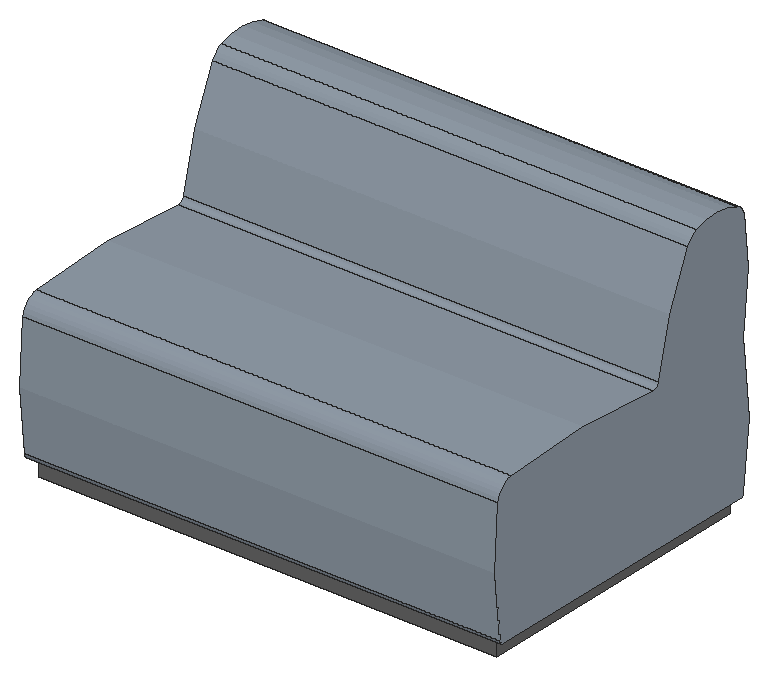
Revit family "FU_Modular_Pau 1030TA", category Furniture, Revit 2020
Family settings
  OmniClass Number = 23.40.20.00
  OmniClass Title = General Furniture and Specialties
  Work Plane-Based = No
  Always vertical = Yes
  Cut with Voids When Loaded = No
  Shared = No
  Room Calculation Point = No
Parameters (values of type "PAU 1030TA")
  Width = 1200 mm
  URL = "https://www.sandlerseating.com/product/pau1030ta/"
  Seat [instance] = Fabric - Gravity - Frozen CPC27
  Model = "PAU1030TA"
  Manufacturer = "Sandler"
  Height = 720 mm
  Description = "Upholstered modular seat with backrest. Width 120cm."
  Depth = 800 mm
  Default Elevation = 0 mm
  Base [instance] = Lacquer - W1 - B00 Black
Reference planes
  plane 1 "Center (Front/Back)": y = 0
  plane 2: z = 0
  plane 3 "Center (Left/Right)": x = 0
  plane 4 "Right": x = -600
  plane 5 "Left": x = 600
  plane 6 "Back": y = 400
  plane 7 "Front": y = -400
  plane 8 "Height": z = 720
  plane 9 "Seat height": z = 420
  plane 10 "Base Right": x = -579.111
  plane 11 "Base Back": y = 366.687
  plane 12 "Base Left": x = 578.588
  plane 13 "Base Front": y = -366.901
  plane 14 "Base Top": z = 40
Forms (mm)
  Extrusion 1, solid, material "Lacquer - W1 - B00 Black" <- "Base"
    sketch origin (0, 0, 0) x (1, 0, 0) y (0, 1, 0)
      loop
        line (-579.111, 366.687) -> (-579.111, -366.901) -> (578.588, -366.901) -> (578.588, 366.687) -> (-579.111, 366.687)
    from 0 to 40
  Extrusion 2, solid, material "Fabric - Gravity - Frozen CPC27" <- "Seat"
    sketch origin (0, 0, 0) x (0, 1, 0) y (0, 0, 1)
      loop
        arc (-347.109, 408.238) -> (-376.551, 394.157) -> (-391.033, 364.911) r 50
        arc (-391.033, 364.911) -> (-399.905, 208.642) -> (-386.679, 52.681) r 1108.576
        arc (-386.679, 52.681) -> (-381.612, 43.603) -> (-371.859, 40) r 15
        line (-371.859, 40) -> (374.029, 40)
        arc (374.029, 40) -> (380.395, 42.288) -> (383.848, 48.104) r 10
        arc (383.848, 48.104) -> (399.882, 210.98) -> (385.633, 374.022) r 884.51
        arc (385.633, 374.022) -> (383.344, 399.87) -> (385.795, 425.704) r 142.036
        arc (385.795, 425.704) -> (397.5, 553.207) -> (385.031, 680.637) r 678.162
        arc (385.031, 680.637) -> (378.627, 694.761) -> (366.547, 704.486) r 33.492
        arc (366.547, 704.486) -> (302.388, 719.935) -> (237.455, 708.154) r 159.868
        arc (237.455, 708.154) -> (220.834, 697.678) -> (208.813, 682.137) r 56.417
        arc (208.813, 682.137) -> (152.848, 552.661) -> (116.957, 416.25) r 936.801
        arc (116.957, 416.25) -> (111.022, 406.829) -> (100.228, 404.095) r 15
        arc (100.228, 404.095) -> (-123.313, 419.929) -> (-347.109, 408.238) r 1824.42
    from -600 to 600
Dimensions and locks
  equal spacing: plane 4 "Right", plane 3 "Center (Left/Right)", plane 5 "Left"
  "Width": plane 4 "Right" to plane 5 "Left"
  equal spacing: plane 6 "Back", plane 1 "Center (Front/Back)", plane 7 "Front"
  "Depth": plane 6 "Back" to plane 7 "Front"
  "Height": plane 8 "Height" to level
  plane 9 "Seat height" to level = 420 mm
  locked: plane 6 "Back" to plane 11 "Base Back" at 33.313
  locked: plane 4 "Right" to plane 10 "Base Right" at 20.889
  locked: plane 12 "Base Left" to plane 5 "Left" at 21.412
  locked: plane 13 "Base Front" to plane 7 "Front" at 33.099
  aligned and locked: level to plane 2
  aligned and locked: Extrusion 1 sketch curve to plane 11 "Base Back"
  aligned and locked: Extrusion 1 sketch curve to plane 10 "Base Right"
  aligned and locked: Extrusion 1 sketch curve to plane 13 "Base Front"
  aligned and locked: Extrusion 1 sketch curve to plane 12 "Base Left"
  aligned and locked: plane 4 "Right" to Extrusion 2
  aligned and locked: Extrusion 2 to plane 5 "Left"
Automatic sketch dimensions
  plane 14 "Base Top" to Extrusion 2 sketch curve = 0 mm
  Extrusion 2 sketch curve to plane 7 "Front" = 84.615 mm
  Extrusion 2 sketch curve to plane 13 "Base Front" = 4.958 mm
  plane 13 "Base Front" to Extrusion 2 sketch curve = 25.463 mm
  plane 13 "Base Front" to Extrusion 2 sketch curve = 86.242 mm
  plane 1 "Center (Front/Back)" to Extrusion 2 sketch curve = 140.209 mm
  Extrusion 2 sketch curve to plane 9 "Seat height" = 1.036 mm
  Extrusion 2 sketch curve to plane 1 "Center (Front/Back)" = 102.204 mm
  plane 11 "Base Back" to Extrusion 2 sketch curve = 107.92 mm
  plane 11 "Base Back" to Extrusion 2 sketch curve = 68.841 mm
  plane 11 "Base Back" to Extrusion 2 sketch curve = 14.533 mm
  Extrusion 2 sketch curve to plane 11 "Base Back" = 7.342 mm
  Extrusion 2 sketch curve to plane 9 "Seat height" = 20.575 mm
  plane 6 "Back" to Extrusion 2 sketch curve = 125.379 mm
  Extrusion 2 sketch curve to Extrusion 2 sketch curve = 183.184 mm
  Extrusion 2 sketch curve to Extrusion 2 sketch curve = 329.735 mm
  Extrusion 2 sketch curve to level = 1404.412 mm
  Extrusion 2 sketch curve to plane 14 "Base Top" = 10 mm
  Extrusion 2 sketch curve to plane 14 "Base Top" = 15 mm
  Extrusion 2 sketch curve to plane 14 "Base Top" = 175.825 mm
  Extrusion 2 sketch curve to plane 14 "Base Top" = 184.101 mm
  Extrusion 2 sketch curve to plane 9 "Seat height" = 173.236 mm
  Extrusion 2 sketch curve to plane 9 "Seat height" = 61.44 mm
  plane 9 "Seat height" to Extrusion 2 sketch curve = 131.174 mm
  plane 9 "Seat height" to Extrusion 2 sketch curve = 140.132 mm
  Extrusion 2 sketch curve to plane 8 "Height" = 64.082 mm
  Extrusion 2 sketch curve to plane 8 "Height" = 45.757 mm
  plane 7 "Front" to Extrusion 2 sketch curve = 8.967 mm
  Extrusion 2 sketch curve to Extrusion 2 sketch curve = 0 mm  (x10)
